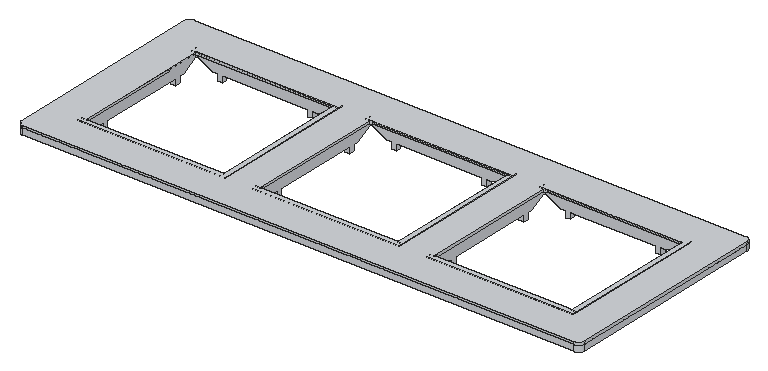
Revit family "Gira_0213335", category Electrical Fixtures, host Face, Revit 2017
Family settings
  Host = Face
  Maintain Annotation Orientation = No
  Round Connector Dimension = Use Diameter
  Part Type = Normal
  Cut with Voids When Loaded = No
  Shared = No
  Room Calculation Point = No
Parameters (values of type "Abdeckrahmen 3f flach Gira E2 Edelstahl")
  Werkstoffgüte = "edelstahl"
  Werkstoff = "Metall"
  URL = "http://katalog.gira.de/de_DE/datenblatt.html?artikelnr=0213335"
  Transparent = "No"
  Textfeld/Beschriftungsfläche = "No"
  Schutzart (IP) = "IP20"
  Region = "DE"
  Oberfläche = "sonstige"
  Name = "Abdeckrahmen 3f flach Gira E2 Edelstahl"
  Montagerichtung = "horizontal und vertikal"
  Mit Montagerahmen = "No"
  Mit Klappdeckel = "No"
  Manufacturer URL = "https://www.gira.de/"
  Keynote = "E2flach_Rahmen_3fach"
  HeinzeBIM = "https://bimportal.heinze.de/bim/abdeckrahmen-3f-flach-gira-e2-edelstahl/da3541c72511535169313f25f28e34984898887c"
  Halogenfrei = "No"
  HAN = "0213335"
  Geeignet für Unterputz-Installation = "Yes"
  Geeignet für Unterflurkanaldose = "No"
  Geeignet für Geräteeinbaukanal = "No"
  Geeignet für Einbauinstallation = "No"
  GTIN = "4010337019879"
  Farbe = "edelstahl"
  Default Elevation = 1219.2 mm
  Data sheet (1) = "https://katalog.gira.de/de_DE/download.html?artikelnr=0213335"
  Category = "Abdeckrahmen"
  Befestigungsart = "Klemmbefestigung"
  Available = "Yes"
  Anzahl der Einheiten vertikal = "3 "
  Anzahl der Einheiten horizontal = "3 "
  Anzahl der Einheiten = "3 "
Reference planes
  plane 1 "Center (Front/Back)": y = 0
  plane 2: z = 0
  plane 3 "Center (Left/Right)": x = 0
Forms (mm)
  Extrusion 1, solid, detail levels fine
    sketch origin (0, 0, 0) x (1, 0, 0) y (0, 1, 0)
      loop
        arc (-112.6, 43.9) -> (-114.368, 43.168) -> (-115.1, 41.4) r 2.5
        line (-115.1, 41.4) -> (-115.1, -41.4)
        arc (-115.1, -41.4) -> (-114.368, -43.168) -> (-112.6, -43.9) r 2.5
        line (-112.6, -43.9) -> (112.6, -43.9)
        arc (112.6, -43.9) -> (114.368, -43.168) -> (115.1, -41.4) r 2.5
        line (115.1, -41.4) -> (115.1, 41.4)
        arc (115.1, 41.4) -> (114.368, 43.168) -> (112.6, 43.9) r 2.5
        line (112.6, 43.9) -> (-112.6, 43.9)
      loop
        spline (-99.344, -27.245) -> (-99.336, -27.363) -> (-99.313, -27.478) -> (-99.275, -27.589) -> (-99.223, -27.695) -> (-99.158, -27.792) -> (-99.081, -27.881) -> (-98.992, -27.958) -> (-98.895, -28.023) -> (-98.789, -28.075) -> (-98.678, -28.113) -> (-98.563, -28.136) -> (-98.445, -28.144)
        line (-98.445, -28.144) -> (-43.955, -28.144)
        spline (-43.955, -28.144) -> (-43.837, -28.136) -> (-43.722, -28.113) -> (-43.611, -28.075) -> (-43.505, -28.023) -> (-43.408, -27.958) -> (-43.319, -27.881) -> (-43.242, -27.792) -> (-43.177, -27.695) -> (-43.125, -27.589) -> (-43.087, -27.478) -> (-43.064, -27.363) -> (-43.056, -27.245)
        line (-43.056, -27.245) -> (-43.056, 27.245)
        spline (-43.056, 27.245) -> (-43.064, 27.363) -> (-43.087, 27.478) -> (-43.125, 27.589) -> (-43.177, 27.695) -> (-43.242, 27.792) -> (-43.319, 27.881) -> (-43.408, 27.958) -> (-43.505, 28.023) -> (-43.611, 28.075) -> (-43.722, 28.113) -> (-43.837, 28.136) -> (-43.955, 28.144)
        line (-43.955, 28.144) -> (-98.445, 28.144)
        spline (-98.445, 28.144) -> (-98.563, 28.136) -> (-98.678, 28.113) -> (-98.789, 28.075) -> (-98.895, 28.023) -> (-98.992, 27.958) -> (-99.081, 27.881) -> (-99.158, 27.792) -> (-99.223, 27.695) -> (-99.275, 27.589) -> (-99.313, 27.478) -> (-99.336, 27.363) -> (-99.344, 27.245)
        line (-99.344, 27.245) -> (-99.344, -27.245)
      loop
        spline (98.445, -28.144) -> (98.563, -28.136) -> (98.678, -28.113) -> (98.789, -28.075) -> (98.895, -28.023) -> (98.992, -27.958) -> (99.081, -27.881) -> (99.158, -27.792) -> (99.223, -27.695) -> (99.275, -27.589) -> (99.313, -27.478) -> (99.336, -27.363) -> (99.344, -27.245)
        line (99.344, -27.245) -> (99.344, 27.245)
        spline (99.344, 27.245) -> (99.336, 27.363) -> (99.313, 27.478) -> (99.275, 27.589) -> (99.223, 27.695) -> (99.158, 27.792) -> (99.081, 27.881) -> (98.992, 27.958) -> (98.895, 28.023) -> (98.789, 28.075) -> (98.678, 28.113) -> (98.563, 28.136) -> (98.445, 28.144)
        line (98.445, 28.144) -> (43.955, 28.144)
        spline (43.955, 28.144) -> (43.837, 28.136) -> (43.722, 28.113) -> (43.611, 28.075) -> (43.505, 28.023) -> (43.408, 27.958) -> (43.319, 27.881) -> (43.242, 27.792) -> (43.177, 27.695) -> (43.125, 27.589) -> (43.087, 27.478) -> (43.064, 27.363) -> (43.056, 27.245)
        line (43.056, 27.245) -> (43.056, -27.245)
        spline (43.056, -27.245) -> (43.064, -27.363) -> (43.087, -27.478) -> (43.125, -27.589) -> (43.177, -27.695) -> (43.242, -27.792) -> (43.319, -27.881) -> (43.408, -27.958) -> (43.505, -28.023) -> (43.611, -28.075) -> (43.722, -28.113) -> (43.837, -28.136) -> (43.955, -28.144)
        line (43.955, -28.144) -> (98.445, -28.144)
      loop
        spline (-28.144, -27.245) -> (-28.136, -27.363) -> (-28.113, -27.478) -> (-28.075, -27.589) -> (-28.023, -27.695) -> (-27.958, -27.792) -> (-27.881, -27.881) -> (-27.792, -27.958) -> (-27.695, -28.023) -> (-27.589, -28.075) -> (-27.478, -28.113) -> (-27.363, -28.136) -> (-27.245, -28.144)
        line (-27.245, -28.144) -> (27.245, -28.144)
        spline (27.245, -28.144) -> (27.363, -28.136) -> (27.478, -28.113) -> (27.589, -28.075) -> (27.695, -28.023) -> (27.792, -27.958) -> (27.881, -27.881) -> (27.958, -27.792) -> (28.023, -27.695) -> (28.075, -27.589) -> (28.113, -27.478) -> (28.136, -27.363) -> (28.144, -27.245)
        line (28.144, -27.245) -> (28.144, 27.245)
        spline (28.144, 27.245) -> (28.136, 27.363) -> (28.113, 27.478) -> (28.075, 27.589) -> (28.023, 27.695) -> (27.958, 27.792) -> (27.881, 27.881) -> (27.792, 27.958) -> (27.695, 28.023) -> (27.589, 28.075) -> (27.478, 28.113) -> (27.363, 28.136) -> (27.245, 28.144)
        line (27.245, 28.144) -> (-27.245, 28.144)
        spline (-27.245, 28.144) -> (-27.363, 28.136) -> (-27.478, 28.113) -> (-27.589, 28.075) -> (-27.695, 28.023) -> (-27.792, 27.958) -> (-27.881, 27.881) -> (-27.958, 27.792) -> (-28.023, 27.695) -> (-28.075, 27.589) -> (-28.113, 27.478) -> (-28.136, 27.363) -> (-28.144, 27.245)
        line (-28.144, 27.245) -> (-28.144, -27.245)
    from 2.5 to 3.4
  Extrusion 2, solid, detail levels fine
    sketch origin (0, 0, 0) x (1, 0, 0) y (0, 1, 0)
      loop
        arc (-112.6, 43.9) -> (-114.368, 43.168) -> (-115.1, 41.4) r 2.5
        line (-115.1, 41.4) -> (-115.1, -41.4)
        arc (-115.1, -41.4) -> (-114.368, -43.168) -> (-112.6, -43.9) r 2.5
        line (-112.6, -43.9) -> (112.6, -43.9)
        arc (112.6, -43.9) -> (114.368, -43.168) -> (115.1, -41.4) r 2.5
        line (115.1, -41.4) -> (115.1, 41.4)
        arc (115.1, 41.4) -> (114.368, 43.168) -> (112.6, 43.9) r 2.5
        line (112.6, 43.9) -> (-112.6, 43.9)
      loop
        arc (-112.6, 43.4) -> (-114.014, 42.814) -> (-114.6, 41.4) r 2
        line (-114.6, 41.4) -> (-114.6, -41.4)
        arc (-114.6, -41.4) -> (-114.014, -42.814) -> (-112.6, -43.4) r 2
        line (-112.6, -43.4) -> (112.6, -43.4)
        arc (112.6, -43.4) -> (114.014, -42.814) -> (114.6, -41.4) r 2
        line (114.6, -41.4) -> (114.6, 41.4)
        arc (114.6, 41.4) -> (114.014, 42.814) -> (112.6, 43.4) r 2
        line (112.6, 43.4) -> (-112.6, 43.4)
    from 0 to 2.5
  Extrusion 3, solid, detail levels fine
    sketch origin (-71.2, 0, 0) x (1, 0, 0) y (0, 0, 1)
      loop
        line (-17.5, -4.06) -> (-17.5, -1.56) -> (17.5, -1.56) -> (17.5, -4.06) -> (19.5, -4.06) -> (19.5, -1.56) -> (21.654, -1.56) -> (27.214, 1.65) -> (30, 1.65) -> (30, 3.4) -> (-30, 3.4) -> (-30, 1.65) -> (-27.214, 1.65) -> (-21.654, -1.56) -> (-19.5, -1.56) -> (-19.5, -4.06) -> (-17.5, -4.06)
    from 28.144 to 30
  Extrusion 4, solid, detail levels fine
    sketch origin (-71.2, 0, 0) x (0, -1, 0) y (0, 0, -1)
      loop
        line (-17.5, 4.06) -> (-19.5, 4.06) -> (-19.5, 1.56) -> (-21.654, 1.56) -> (-27.214, -1.65) -> (-28.144, -1.65) -> (-28.144, -3.4) -> (28.144, -3.4) -> (28.144, -1.65) -> (27.214, -1.65) -> (21.654, 1.56) -> (19.5, 1.56) -> (19.5, 4.06) -> (17.5, 4.06) -> (17.5, 1.56) -> (-17.5, 1.56) -> (-17.5, 4.06)
    from 28.144 to 30
  Extrusion 5, solid, detail levels medium
    sketch origin (-71.2, 0, 0) x (0, -1, 0) y (0, 0, 1)
      loop
        line (-17.5, -4.06) -> (-17.5, -1.56) -> (17.5, -1.56) -> (17.5, -4.06) -> (19.5, -4.06) -> (19.5, -1.56) -> (28.144, -1.56) -> (28.144, 3.4) -> (-28.144, 3.4) -> (-28.144, -1.56) -> (-19.5, -1.56) -> (-19.5, -4.06) -> (-17.5, -4.06)
    from 28.144 to 30
  Extrusion 6, solid, detail levels fine
    sketch origin (-71.2, 0, 0) x (1, 0, 0) y (0, 0, -1)
      loop
        line (-17.5, 4.06) -> (-19.5, 4.06) -> (-19.5, 1.56) -> (-21.654, 1.56) -> (-27.214, -1.65) -> (-30, -1.65) -> (-30, -3.4) -> (30, -3.4) -> (30, -1.65) -> (27.214, -1.65) -> (21.654, 1.56) -> (19.5, 1.56) -> (19.5, 4.06) -> (17.5, 4.06) -> (17.5, 1.56) -> (-17.5, 1.56) -> (-17.5, 4.06)
    from 28.144 to 30
  Extrusion 7, solid, detail levels coarse
    sketch origin (0, 0, 0) x (1, 0, 0) y (0, 1, 0)
      loop
        line (-115.1, 43.9) -> (-115.1, -43.9) -> (115.1, -43.9) -> (115.1, 43.9) -> (-115.1, 43.9)
    from -4.06 to 3.4
  Extrusion 8, solid, detail levels medium
    sketch origin (0, 0, 0) x (1, 0, 0) y (0, 1, 0)
      loop
        line (-115.1, 43.9) -> (-115.1, -43.9) -> (115.1, -43.9) -> (115.1, 43.9) -> (-115.1, 43.9)
    from 0 to 3.4
  Extrusion 9, solid, detail levels medium
    sketch origin (-71.2, 0, 0) x (1, 0, 0) y (0, 0, 1)
      loop
        line (-17.5, -4.06) -> (-17.5, -1.56) -> (17.5, -1.56) -> (17.5, -4.06) -> (19.5, -4.06) -> (19.5, -1.56) -> (30, -1.56) -> (30, 3.4) -> (-30, 3.4) -> (-30, -1.56) -> (-19.5, -1.56) -> (-19.5, -4.06) -> (-17.5, -4.06)
    from 28.144 to 30
  Extrusion 10, solid, detail levels medium
    sketch origin (-71.2, 0, 0) x (1, 0, 0) y (0, 0, -1)
      loop
        line (-17.5, 4.06) -> (-19.5, 4.06) -> (-19.5, 1.56) -> (-30, 1.56) -> (-30, -3.4) -> (30, -3.4) -> (30, 1.56) -> (19.5, 1.56) -> (19.5, 4.06) -> (17.5, 4.06) -> (17.5, 1.56) -> (-17.5, 1.56) -> (-17.5, 4.06)
    from 28.144 to 30
  Extrusion 11, solid, detail levels medium
    sketch origin (-71.2, 0, 0) x (0, -1, 0) y (0, 0, -1)
      loop
        line (-17.5, 4.06) -> (-19.5, 4.06) -> (-19.5, 1.56) -> (-28.144, 1.56) -> (-28.144, -3.4) -> (28.144, -3.4) -> (28.144, 1.56) -> (19.5, 1.56) -> (19.5, 4.06) -> (17.5, 4.06) -> (17.5, 1.56) -> (-17.5, 1.56) -> (-17.5, 4.06)
    from 28.144 to 30
  Extrusion 12, solid, detail levels fine
    sketch origin (71.2, 0, 0) x (-1, 0, 0) y (0, 0, -1)
      loop
        line (-17.5, 4.06) -> (-19.5, 4.06) -> (-19.5, 1.56) -> (-21.654, 1.56) -> (-27.214, -1.65) -> (-30, -1.65) -> (-30, -3.4) -> (30, -3.4) -> (30, -1.65) -> (27.214, -1.65) -> (21.654, 1.56) -> (19.5, 1.56) -> (19.5, 4.06) -> (17.5, 4.06) -> (17.5, 1.56) -> (-17.5, 1.56) -> (-17.5, 4.06)
    from 28.144 to 30
  Extrusion 13, solid, detail levels fine
    sketch origin (71.2, 0, 0) x (0, -1, 0) y (0, 0, 1)
      loop
        line (-17.5, -4.06) -> (-17.5, -1.56) -> (17.5, -1.56) -> (17.5, -4.06) -> (19.5, -4.06) -> (19.5, -1.56) -> (21.654, -1.56) -> (27.214, 1.65) -> (28.144, 1.65) -> (28.144, 3.4) -> (-28.144, 3.4) -> (-28.144, 1.65) -> (-27.214, 1.65) -> (-21.654, -1.56) -> (-19.5, -1.56) -> (-19.5, -4.06) -> (-17.5, -4.06)
    from 28.144 to 30
  Extrusion 14, solid, detail levels medium
    sketch origin (71.2, 0, 0) x (0, -1, 0) y (0, 0, -1)
      loop
        line (-17.5, 4.06) -> (-19.5, 4.06) -> (-19.5, 1.56) -> (-28.144, 1.56) -> (-28.144, -3.4) -> (28.144, -3.4) -> (28.144, 1.56) -> (19.5, 1.56) -> (19.5, 4.06) -> (17.5, 4.06) -> (17.5, 1.56) -> (-17.5, 1.56) -> (-17.5, 4.06)
    from 28.144 to 30
  Extrusion 15, solid, detail levels fine
    sketch origin (71.2, 0, 0) x (-1, 0, 0) y (0, 0, 1)
      loop
        line (-17.5, -4.06) -> (-17.5, -1.56) -> (17.5, -1.56) -> (17.5, -4.06) -> (19.5, -4.06) -> (19.5, -1.56) -> (21.654, -1.56) -> (27.214, 1.65) -> (30, 1.65) -> (30, 3.4) -> (-30, 3.4) -> (-30, 1.65) -> (-27.214, 1.65) -> (-21.654, -1.56) -> (-19.5, -1.56) -> (-19.5, -4.06) -> (-17.5, -4.06)
    from 28.144 to 30
  Extrusion 16, solid, detail levels medium
    sketch origin (71.2, 0, 0) x (-1, 0, 0) y (0, 0, -1)
      loop
        line (-17.5, 4.06) -> (-19.5, 4.06) -> (-19.5, 1.56) -> (-30, 1.56) -> (-30, -3.4) -> (30, -3.4) -> (30, 1.56) -> (19.5, 1.56) -> (19.5, 4.06) -> (17.5, 4.06) -> (17.5, 1.56) -> (-17.5, 1.56) -> (-17.5, 4.06)
    from 28.144 to 30
  Extrusion 17, solid, detail levels medium
    sketch origin (71.2, 0, 0) x (-1, 0, 0) y (0, 0, 1)
      loop
        line (-17.5, -4.06) -> (-17.5, -1.56) -> (17.5, -1.56) -> (17.5, -4.06) -> (19.5, -4.06) -> (19.5, -1.56) -> (30, -1.56) -> (30, 3.4) -> (-30, 3.4) -> (-30, -1.56) -> (-19.5, -1.56) -> (-19.5, -4.06) -> (-17.5, -4.06)
    from 28.144 to 30
  Extrusion 18, solid, detail levels medium
    sketch origin (71.2, 0, 0) x (0, -1, 0) y (0, 0, 1)
      loop
        line (-17.5, -4.06) -> (-17.5, -1.56) -> (17.5, -1.56) -> (17.5, -4.06) -> (19.5, -4.06) -> (19.5, -1.56) -> (28.144, -1.56) -> (28.144, 3.4) -> (-28.144, 3.4) -> (-28.144, -1.56) -> (-19.5, -1.56) -> (-19.5, -4.06) -> (-17.5, -4.06)
    from 28.144 to 30
  Extrusion 19, solid, detail levels fine
    sketch origin (-129.344, 0, 0) x (0, -1, 0) y (0, 0, -1)
      loop
        line (-17.5, 4.06) -> (-19.5, 4.06) -> (-19.5, 1.56) -> (-21.654, 1.56) -> (-27.214, -1.65) -> (-28.144, -1.65) -> (-28.144, -3.4) -> (28.144, -3.4) -> (28.144, -1.65) -> (27.214, -1.65) -> (21.654, 1.56) -> (19.5, 1.56) -> (19.5, 4.06) -> (17.5, 4.06) -> (17.5, 1.56) -> (-17.5, 1.56) -> (-17.5, 4.06)
    from 28.144 to 30
  Extrusion 20, solid, detail levels fine
    sketch origin (129.344, 0, 0) x (0, -1, 0) y (0, 0, 1)
      loop
        line (-17.5, -4.06) -> (-17.5, -1.56) -> (17.5, -1.56) -> (17.5, -4.06) -> (19.5, -4.06) -> (19.5, -1.56) -> (21.654, -1.56) -> (27.214, 1.65) -> (28.144, 1.65) -> (28.144, 3.4) -> (-28.144, 3.4) -> (-28.144, 1.65) -> (-27.214, 1.65) -> (-21.654, -1.56) -> (-19.5, -1.56) -> (-19.5, -4.06) -> (-17.5, -4.06)
    from 28.144 to 30
  Extrusion 21, solid, detail levels fine
    sketch origin (0, 0, 0) x (-1, 0, 0) y (0, 0, -1)
      loop
        line (-17.5, 4.06) -> (-19.5, 4.06) -> (-19.5, 1.56) -> (-21.654, 1.56) -> (-27.214, -1.65) -> (-30, -1.65) -> (-30, -3.4) -> (30, -3.4) -> (30, -1.65) -> (27.214, -1.65) -> (21.654, 1.56) -> (19.5, 1.56) -> (19.5, 4.06) -> (17.5, 4.06) -> (17.5, 1.56) -> (-17.5, 1.56) -> (-17.5, 4.06)
    from 28.144 to 30
  Extrusion 22, solid, detail levels fine
    sketch origin (0, 0, 0) x (0, -1, 0) y (0, 0, 1)
      loop
        line (-17.5, -4.06) -> (-17.5, -1.56) -> (17.5, -1.56) -> (17.5, -4.06) -> (19.5, -4.06) -> (19.5, -1.56) -> (21.654, -1.56) -> (27.214, 1.65) -> (28.144, 1.65) -> (28.144, 3.4) -> (-28.144, 3.4) -> (-28.144, 1.65) -> (-27.214, 1.65) -> (-21.654, -1.56) -> (-19.5, -1.56) -> (-19.5, -4.06) -> (-17.5, -4.06)
    from 28.144 to 30
  Extrusion 23, solid, detail levels medium
    sketch origin (0, 0, 0) x (0, -1, 0) y (0, 0, -1)
      loop
        line (-17.5, 4.06) -> (-19.5, 4.06) -> (-19.5, 1.56) -> (-28.144, 1.56) -> (-28.144, -3.4) -> (28.144, -3.4) -> (28.144, 1.56) -> (19.5, 1.56) -> (19.5, 4.06) -> (17.5, 4.06) -> (17.5, 1.56) -> (-17.5, 1.56) -> (-17.5, 4.06)
    from 28.144 to 30
  Extrusion 24, solid, detail levels fine
    sketch origin (0, 0, 0) x (-1, 0, 0) y (0, 0, 1)
      loop
        line (-17.5, -4.06) -> (-17.5, -1.56) -> (17.5, -1.56) -> (17.5, -4.06) -> (19.5, -4.06) -> (19.5, -1.56) -> (21.654, -1.56) -> (27.214, 1.65) -> (30, 1.65) -> (30, 3.4) -> (-30, 3.4) -> (-30, 1.65) -> (-27.214, 1.65) -> (-21.654, -1.56) -> (-19.5, -1.56) -> (-19.5, -4.06) -> (-17.5, -4.06)
    from 28.144 to 30
  Extrusion 25, solid, detail levels medium
    sketch origin (0, 0, 0) x (-1, 0, 0) y (0, 0, -1)
      loop
        line (-17.5, 4.06) -> (-19.5, 4.06) -> (-19.5, 1.56) -> (-30, 1.56) -> (-30, -3.4) -> (30, -3.4) -> (30, 1.56) -> (19.5, 1.56) -> (19.5, 4.06) -> (17.5, 4.06) -> (17.5, 1.56) -> (-17.5, 1.56) -> (-17.5, 4.06)
    from 28.144 to 30
  Extrusion 26, solid, detail levels medium
    sketch origin (0, 0, 0) x (-1, 0, 0) y (0, 0, 1)
      loop
        line (-17.5, -4.06) -> (-17.5, -1.56) -> (17.5, -1.56) -> (17.5, -4.06) -> (19.5, -4.06) -> (19.5, -1.56) -> (30, -1.56) -> (30, 3.4) -> (-30, 3.4) -> (-30, -1.56) -> (-19.5, -1.56) -> (-19.5, -4.06) -> (-17.5, -4.06)
    from 28.144 to 30
  Extrusion 27, solid, detail levels medium
    sketch origin (0, 0, 0) x (0, -1, 0) y (0, 0, 1)
      loop
        line (-17.5, -4.06) -> (-17.5, -1.56) -> (17.5, -1.56) -> (17.5, -4.06) -> (19.5, -4.06) -> (19.5, -1.56) -> (28.144, -1.56) -> (28.144, 3.4) -> (-28.144, 3.4) -> (-28.144, -1.56) -> (-19.5, -1.56) -> (-19.5, -4.06) -> (-17.5, -4.06)
    from 28.144 to 30
  Extrusion 28, solid, detail levels fine
    sketch origin (58.144, 0, 0) x (0, -1, 0) y (0, 0, 1)
      loop
        line (-17.5, -4.06) -> (-17.5, -1.56) -> (17.5, -1.56) -> (17.5, -4.06) -> (19.5, -4.06) -> (19.5, -1.56) -> (21.654, -1.56) -> (27.214, 1.65) -> (28.144, 1.65) -> (28.144, 3.4) -> (-28.144, 3.4) -> (-28.144, 1.65) -> (-27.214, 1.65) -> (-21.654, -1.56) -> (-19.5, -1.56) -> (-19.5, -4.06) -> (-17.5, -4.06)
    from 28.144 to 30
Dimensions and locks
  aligned and locked: plane 2 to host face
  aligned and locked: level to host face
